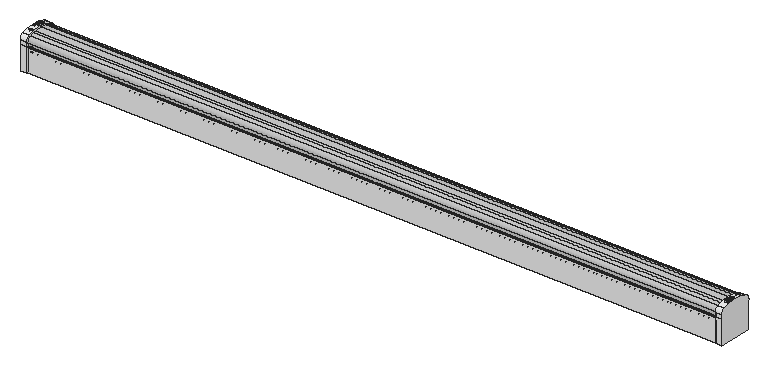
Revit family "Clevertronics_EPIC-1500-EM_AUB03510210001", category Lighting Fixtures, host Face, Revit 2020
Family settings
  Host = Face
  Round Connector Dimension = Use Diameter
  Part Type = Normal
  Cut with Voids When Loaded = No
  Light Source = Yes
  Shared = No
  Room Calculation Point = No
Parameters (values of type "EPIC-1500-EM_AUB03510210001")
  Wattage = 46.77 W
  built-in parameter 1150110 = 1 (stored number, unit not read)
  built-in parameter 1150109 = 1 (stored number, unit not read)
  built-in parameter 1150134 = 12
  built-in parameter 1150113 = 1 (stored number, unit not read)
  Tilt Angle = -90.00°
  Photometric Web File = "EPIC-1500-4K_IESA_G_TUV7191314725_20230817.IES"
  Model = "EPIC-1500-EM"
  Manufacturer = "Clevertronics"  # constant formula
  Emit from Line Length = 609.6 mm
  Description = "Epic 1500mm Diffused Emergency Batten, Switchable Colour"
  CreatedBy = ""
  Clevertronics_Width = 72 mm
  Clevertronics_Weight = "2.2 Kg"
  Clevertronics_Viewing Distance = "N/A"
  Clevertronics_Total Lumen Output = "6117 lm (130.8 lm/W)"
  Clevertronics_Testing System = "N/A"
  Clevertronics_Testing Node = "N/A"
  Clevertronics_Supply Current = "180mA +/- 20mA"
  Clevertronics_Replacement Battery = "1560150"
  Clevertronics_Product Description = "Epic 1500mm Diffused Emergency Batten, Switchable Colour & Output"
  Clevertronics_Power Factor = "0.90 @ High Output"
  Clevertronics_Power Consumption = "46.77W"
  Clevertronics_Other Modules = ""  # constant formula
  Clevertronics_Operating Voltage = "220-240V~ 50Hz"
  Clevertronics_Operating Temperature = "1°C to 40°C"
  Clevertronics_Operating Mode = "N/A"
  Clevertronics_Mounting = "Surface Mount"
  Clevertronics_Material = Clevertronics_Plycarbonate Base
  Lumens = 6117.52 lm
  built-in parameter 1114217 = 1 (stored number, unit not read)
  built-in parameter 1150115 = 1 (stored number, unit not read)
  built-in parameter 1150105 = 486.82 (stored number, unit not read)
  built-in parameter 1150137 = 1
  built-in parameter 1150139 = (empty or 0)
  built-in parameter 1150112 = 1 (stored number, unit not read)
  built-in parameter 1150114 = 1 (stored number, unit not read)
  Lamp = "Dual LED strip module, 3000K warm white, 5700K cool white, >50,000hr life, Ra>80__L70/B50 Ta 40°C; Reported >54,000hr, Projected 158,000hr__L80/B50 Ta 40°C; Reported >54,000hr, Projected 99,000hr"
  built-in parameter 1150132 = (empty or 0)
  built-in parameter 1150102 = (empty or 0)
  built-in parameter 1150138 = (empty or 0)
  built-in parameter 1150107 = 4000 (stored number, unit not read)
  built-in parameter 1150106 = 4.8682 (stored number, unit not read)
  built-in parameter 1150104 = 12.152 (stored number, unit not read)
  Dimming Lamp Color Temperature Shift = <None>
  Default Elevation = 1200 mm
  Color Filter = 16777215
  Clevertronics_Stacked Symbol Position [instance] = 0
  Clevertronics_MIC Number = "AUB03510210001"
  Clevertronics_Length = 1533 mm
  Clevertronics_Inrush Current = "28.4A, <88µs"
  Clevertronics_Impact Rating = "IK03"
  Clevertronics_IP Rating = "IP20"
  Clevertronics_Height = 78 mm
  Clevertronics_Emergency Driver = "LED: 1330069, EM: AUM03670010001"
  Clevertronics_Earth Leakage = "0.152mA"
  Clevertronics_Driver/ Ballast = "LC 57W, 700-1050mA, flexC Ip SNC4"
  Clevertronics_Dimensions Main Enclosure = "L 1533mm x W 72mm x H 78mm"
  Clevertronics_Diffuser = "Co-extruded IP40 PC Diffuser Assembly"
  Clevertronics_Construction = "Powder Coated Sheet Metal Base, Co-extruded IP40 PC Diffuser Assembly, PC End Caps"
  Clevertronics_Charger Method = "Intelligent current limited constant voltage"
  Clevertronics_Battery Type = "Lithium Iron Phosphate"
  Clevertronics_Battery = "3.2V 3000mAh"
  Clevertronics_Applicable Standards = "AS/NZS3820, CISPR15, AS/NZS60598.1"
  Clevertronics_Annotation Vertical Offset [instance] = 0 mm
  Clevertronics_Annotation Size = 0 mm
  Clevertronics_Annotation Horizontal Offset [instance] = 0 mm
  Clevertronics_AS2293 Classification = "C0=D40 C90=D25"
  built-in parameter 1140040 [instance] = 1
  built-in parameter 1114218 = 1 (stored number, unit not read)
  built-in parameter 1150133 = 10 (stored number, unit not read)
  Assembly Code = ""
  Apparent Load = 0 VA
Reference planes
  plane 1 "Center (Front/Back)": y = 0
  plane 2: z = 0
  plane 3 "Center (Left/Right)": x = 0
  plane 4: y = -16.746
  plane 5: x = 759.289
Forms (mm)
  Extrusion 1, solid, material "Clevertronics_Metal, Powder Coated, White"
    sketch origin (0, 0, 0) x (0, 1, 0) y (0, 0, 1)
      loop
        line (-34, 47.888) -> (-34, 0) -> (34, 0) -> (34, 47.888) -> (-34, 47.888)
    from -752.5 to 752.5
  Extrusion 2, solid, material "Clevertronics_Metal, Powder Coated, White"
    sketch origin (0, 0, 0) x (0, 1, 0) y (0, 0, 1)
      loop
        line (-36, 52.408) -> (-36, 0) -> (36, 0) -> (36, 52.408) -> (36, 60.131)
        arc (36, 60.131) -> (33.916, 66.575) -> (28.656, 70.839) r 11.905
        arc (28.656, 70.839) -> (14.609, 75.128) -> (0, 76.645) r 76.257
        arc (0, 76.645) -> (-14.609, 75.128) -> (-28.656, 70.839) r 76.257
        arc (-28.656, 70.839) -> (-33.916, 66.575) -> (-36, 60.131) r 11.905
        line (-36, 60.131) -> (-36, 52.408)
    from 752.5 to 766.5
  Extrusion 3, solid, material "Clevertronics_Metal, Powder Coated, White"
    sketch origin (0, 0, 0) x (0, 1, 0) y (0, 0, -1)
      loop
        line (-36, -52.408) -> (-36, -60.131)
        arc (-36, -60.131) -> (-33.916, -66.575) -> (-28.656, -70.839) r 11.905
        arc (-28.656, -70.839) -> (-14.609, -75.128) -> (0, -76.645) r 76.257
        arc (0, -76.645) -> (14.609, -75.128) -> (28.656, -70.839) r 76.257
        arc (28.656, -70.839) -> (33.916, -66.575) -> (36, -60.131) r 11.905
        line (36, -60.131) -> (36, -52.408) -> (36, 0) -> (-36, 0) -> (-36, -52.408)
    from 752.5 to 766.5
  Extrusion 4, solid, material "Clevertronics_Diffuser"
    sketch origin (0, 0, 0) x (0, 1, 0) y (0, 0, 1)
      loop
        line (-34.069, 59.777) -> (-34.069, 51.88)
        arc (-34.069, 51.88) -> (-33.924, 50.796) -> (-33.5, 49.788) r 4.133
        arc (-33.5, 49.788) -> (-32.498, 48.413) -> (-30.88, 47.888) r 2.757
        line (-30.88, 47.888) -> (-28.532, 47.888)
        arc (-28.532, 47.888) -> (-27.825, 47.595) -> (-27.532, 46.888) r 1
        line (-27.532, 46.888) -> (-27.532, 42.271)
        arc (-27.532, 42.271) -> (-27.672, 41.769) -> (-28.05, 41.41) r 0.975
        arc (-28.05, 41.41) -> (-28.547, 41.043) -> (-28.86, 40.51) r 1.534
        arc (-28.86, 40.51) -> (-28.861, 39.627) -> (-28.395, 38.877) r 1.604
        arc (-28.395, 38.877) -> (-27.949, 38.586) -> (-27.659, 38.14) r 1.288
        arc (-27.659, 38.14) -> (-27.538, 37.699) -> (-27.532, 37.243) r 1.808
        line (-27.532, 37.243) -> (-27.532, 36.166) -> (-26.332, 36.166) -> (-26.332, 37.545)
        arc (-26.332, 37.545) -> (-26.601, 38.712) -> (-27.354, 39.643) r 2.666
        arc (-27.354, 39.643) -> (-27.655, 40.035) -> (-27.354, 40.427) r 0.406
        arc (-27.354, 40.427) -> (-26.657, 41.181) -> (-26.34, 42.157) r 2.392
        line (-26.34, 42.157) -> (-26.34, 42.98)
        arc (-26.34, 42.98) -> (-26.107, 43.299) -> (-25.732, 43.421) r 0.64
        line (-25.732, 43.421) -> (-24.946, 43.421) -> (-24.946, 44.426) -> (-25.759, 44.426)
        arc (-25.759, 44.426) -> (-26.144, 44.574) -> (-26.331, 44.943) r 0.575
        arc (-26.331, 44.943) -> (-26.103, 45.493) -> (-25.552, 45.721) r 0.779
        line (-25.552, 45.721) -> (-19.532, 45.721) -> (-19.532, 44.426) -> (-21.232, 44.426) -> (-21.232, 43.421) -> (0, 43.421) -> (21.232, 43.421) -> (21.232, 44.426) -> (19.532, 44.426) -> (19.532, 45.721) -> (25.552, 45.721)
        arc (25.552, 45.721) -> (26.103, 45.493) -> (26.331, 44.943) r 0.779
        arc (26.331, 44.943) -> (26.144, 44.574) -> (25.759, 44.426) r 0.575
        line (25.759, 44.426) -> (24.946, 44.426) -> (24.946, 43.421) -> (25.732, 43.421)
        arc (25.732, 43.421) -> (26.107, 43.299) -> (26.34, 42.98) r 0.64
        line (26.34, 42.98) -> (26.34, 42.157)
        arc (26.34, 42.157) -> (26.657, 41.181) -> (27.354, 40.427) r 2.392
        arc (27.354, 40.427) -> (27.655, 40.035) -> (27.354, 39.643) r 0.406
        arc (27.354, 39.643) -> (26.601, 38.712) -> (26.332, 37.545) r 2.666
        line (26.332, 37.545) -> (26.332, 36.166) -> (27.532, 36.166) -> (27.532, 37.243)
        arc (27.532, 37.243) -> (27.538, 37.699) -> (27.659, 38.14) r 1.808
        arc (27.659, 38.14) -> (27.949, 38.586) -> (28.395, 38.877) r 1.288
        arc (28.395, 38.877) -> (28.861, 39.627) -> (28.86, 40.51) r 1.604
        arc (28.86, 40.51) -> (28.547, 41.043) -> (28.05, 41.41) r 1.534
        arc (28.05, 41.41) -> (27.672, 41.769) -> (27.532, 42.271) r 0.975
        line (27.532, 42.271) -> (27.532, 46.888)
        arc (27.532, 46.888) -> (27.825, 47.595) -> (28.532, 47.888) r 1
        line (28.532, 47.888) -> (30.88, 47.888)
        arc (30.88, 47.888) -> (32.498, 48.413) -> (33.5, 49.788) r 2.757
        arc (33.5, 49.788) -> (33.924, 50.796) -> (34.069, 51.88) r 4.133
        line (34.069, 51.88) -> (34.069, 59.777)
        arc (34.069, 59.777) -> (32.342, 65.394) -> (27.757, 69.07) r 9.998
        arc (27.757, 69.07) -> (23.38, 70.69) -> (18.934, 72.108) r 101.656
        arc (18.934, 72.108) -> (16.467, 72.704) -> (13.989, 73.25) r 123.107
        arc (13.989, 73.25) -> (7.022, 74.221) -> (0, 74.623) r 86.5
        arc (0, 74.623) -> (-7.022, 74.221) -> (-13.989, 73.25) r 86.5
        arc (-13.989, 73.25) -> (-16.478, 72.752) -> (-18.934, 72.108) r 43.176
        arc (-18.934, 72.108) -> (-23.38, 70.69) -> (-27.757, 69.07) r 101.656
        arc (-27.757, 69.07) -> (-32.342, 65.394) -> (-34.069, 59.777) r 9.998
      loop
        line (-16.282, 45.721) -> (-18.118, 45.721)
        arc (-18.118, 45.721) -> (-18.532, 45.074) -> (-18.118, 44.426) r 0.713
        line (-18.118, 44.426) -> (0, 44.426) -> (18.118, 44.426)
        arc (18.118, 44.426) -> (18.532, 45.074) -> (18.118, 45.721) r 0.713
        line (18.118, 45.721) -> (16.282, 45.721) -> (16.282, 46.721) -> (25.799, 46.721)
        arc (25.799, 46.721) -> (26.268, 46.901) -> (26.498, 47.347) r 0.703
        arc (26.498, 47.347) -> (27.192, 48.509) -> (28.457, 48.991) r 2.062
        line (28.457, 48.991) -> (30.88, 48.888)
        arc (30.88, 48.888) -> (31.806, 49.132) -> (32.431, 49.857) r 1.617
        arc (32.431, 49.857) -> (32.728, 50.49) -> (32.978, 51.144) r 9.501
        line (32.978, 51.144) -> (33.071, 51.926) -> (33.071, 59.777)
        arc (33.071, 59.777) -> (31.56, 64.77) -> (27.534, 68.087) r 9.005
        arc (27.534, 68.087) -> (25.319, 68.975) -> (23.078, 69.798) r 82.593
        line (23.078, 69.798) -> (18.668, 71.135) -> (14.068, 72.23)
        arc (14.068, 72.23) -> (9.433, 72.986) -> (4.76, 73.456) r 76.595
        line (4.76, 73.456) -> (0, 73.622) -> (-4.76, 73.456)
        arc (-4.76, 73.456) -> (-9.433, 72.986) -> (-14.068, 72.23) r 76.595
        line (-14.068, 72.23) -> (-18.668, 71.135) -> (-23.078, 69.798)
        arc (-23.078, 69.798) -> (-25.319, 68.975) -> (-27.534, 68.087) r 82.593
        arc (-27.534, 68.087) -> (-31.56, 64.77) -> (-33.071, 59.777) r 9.005
        line (-33.071, 59.777) -> (-33.071, 51.926) -> (-32.978, 51.144)
        arc (-32.978, 51.144) -> (-32.728, 50.49) -> (-32.431, 49.857) r 9.501
        arc (-32.431, 49.857) -> (-31.806, 49.132) -> (-30.88, 48.888) r 1.617
        line (-30.88, 48.888) -> (-28.457, 48.991)
        arc (-28.457, 48.991) -> (-27.192, 48.509) -> (-26.498, 47.347) r 2.062
        arc (-26.498, 47.347) -> (-26.268, 46.901) -> (-25.799, 46.721) r 0.703
        line (-25.799, 46.721) -> (-16.282, 46.721) -> (-16.282, 45.721)
    from -751.5 to 752.5
  Extrusion 5, void
    sketch origin (0, 0, 0) x (1, 0, 0) y (0, 1, 0)
      loop
        arc (-762.875, -15.866) -> (-763.266, -16.003) -> (-763.487, -16.353) r 0.629
        line (-763.487, -16.353) -> (-763.487, -17.138)
        arc (-763.487, -17.138) -> (-763.266, -17.489) -> (-762.875, -17.625) r 0.629
        line (-762.875, -17.625) -> (-759.68, -17.625)
        arc (-759.68, -17.625) -> (-759.248, -17.624) -> (-758.88, -17.85) r 0.787
        line (-758.88, -17.85) -> (-758.88, -18.685)
        arc (-758.88, -18.685) -> (-758.564, -18.984) -> (-758.151, -18.847) r 0.423
        line (-758.151, -18.847) -> (-756.044, -17.169)
        arc (-756.044, -17.169) -> (-755.779, -16.746) -> (-756.044, -16.322) r 0.471
        line (-756.044, -16.322) -> (-758.151, -14.644)
        arc (-758.151, -14.644) -> (-758.564, -14.507) -> (-758.88, -14.806) r 0.423
        line (-758.88, -14.806) -> (-758.88, -15.641)
        arc (-758.88, -15.641) -> (-759.248, -15.868) -> (-759.68, -15.866) r 0.787
        line (-759.68, -15.866) -> (-762.875, -15.866)
    from 73.831 to 75.439
  Extrusion 6, void
    sketch origin (776.035, 776.025, 0) x (0, 1, 0) y (-1, 0, 0)
      loop
        line (-762.875, 15.866) -> (-759.68, 15.866)
        arc (-759.68, 15.866) -> (-759.248, 15.868) -> (-758.88, 15.641) r 0.787
        line (-758.88, 15.641) -> (-758.88, 14.806)
        arc (-758.88, 14.806) -> (-758.564, 14.507) -> (-758.151, 14.644) r 0.423
        line (-758.151, 14.644) -> (-756.044, 16.322)
        arc (-756.044, 16.322) -> (-755.779, 16.746) -> (-756.044, 17.169) r 0.471
        line (-756.044, 17.169) -> (-758.151, 18.847)
        arc (-758.151, 18.847) -> (-758.564, 18.984) -> (-758.88, 18.685) r 0.423
        line (-758.88, 18.685) -> (-758.88, 17.85)
        arc (-758.88, 17.85) -> (-759.248, 17.624) -> (-759.68, 17.625) r 0.787
        line (-759.68, 17.625) -> (-762.875, 17.625)
        arc (-762.875, 17.625) -> (-763.266, 17.489) -> (-763.487, 17.138) r 0.629
        line (-763.487, 17.138) -> (-763.487, 16.353)
        arc (-763.487, 16.353) -> (-763.266, 16.003) -> (-762.875, 15.866) r 0.629
    from 73.14 to 75.771
  Extrusion 7, solid
    sketch origin (0, 7.92, 1.026) x (1, 0, 0) y (0, 0.994522, 0.104528)
      loop
        circle (756.915, -14.552) r 1.585
      loop
        circle (756.915, -14.552) r 0.832
      loop
        line (758.685, -12.669) -> (758.685, -11.855) -> (757.354, -11.855)
        arc (757.354, -11.855) -> (756.667, -10.299) -> (756.062, -11.888) r 0.919
        line (756.062, -11.888) -> (755.253, -11.888) -> (755.253, -12.669) -> (758.685, -12.669)
      loop
        line (756.97, -9.252) -> (756.97, -7.635) -> (755.973, -7.998)
        arc (755.973, -7.998) -> (756.448, -10.019) -> (757.834, -8.474) r 1.171
        line (757.834, -8.474) -> (757.279, -7.682) -> (757.207, -8.501)
        arc (757.207, -8.501) -> (757.385, -8.97) -> (756.97, -9.252) r 0.405
      loop
        line (756.586, -9.25) -> (756.586, -8.453)
        arc (756.586, -8.453) -> (756.188, -8.852) -> (756.586, -9.25) r 0.398
      loop
        line (758.008, -5.855) -> (758.008, -5.046) -> (756.586, -5.046)
        arc (756.586, -5.046) -> (755.87, -5.659) -> (756.362, -6.462) r 0.726
        line (756.362, -6.462) -> (755.567, -6.462) -> (755.567, -7.267) -> (758.008, -7.267) -> (758.008, -6.462) -> (756.541, -6.462)
        arc (756.541, -6.462) -> (756.669, -6.038) -> (757.073, -5.855) r 0.536
        line (757.073, -5.855) -> (758.008, -5.855)
      loop
        line (760.183, -15.075) -> (760.183, -15.879) -> (762.558, -15.879)
        arc (762.558, -15.879) -> (763.049, -15.624) -> (763.121, -15.075) r 0.6
        arc (763.121, -15.075) -> (762.729, -14.583) -> (762.337, -15.075) r 0.402
        line (762.337, -15.075) -> (760.183, -15.075)
      loop
        line (763.082, -14.251) -> (763.082, -13.444) -> (761.94, -13.444)
        arc (761.94, -13.444) -> (761.638, -13.142) -> (761.94, -12.84) r 0.302
        line (761.94, -12.84) -> (763.082, -12.84) -> (763.082, -12.05) -> (761.66, -12.05)
        arc (761.66, -12.05) -> (760.891, -12.54) -> (761.012, -13.444) r 0.848
        line (761.012, -13.444) -> (760.183, -13.444) -> (760.183, -14.251) -> (763.082, -14.251)
      loop
        line (760.981, -10.711) -> (760.981, -11.517) -> (763.082, -11.517) -> (763.082, -10.711) -> (760.981, -10.711)
      loop
        line (760.848, -11.114) -> (760.087, -10.837) -> (759.327, -11.114) -> (760.087, -11.391) -> (760.848, -11.114)
      loop
        arc (760.715, -7.107) -> (759.937, -8.247) -> (760.675, -9.414) r 1.256
        line (760.675, -9.414) -> (762.067, -8.8)
        arc (762.067, -8.8) -> (762.681, -9.059) -> (762.389, -9.658) r 0.459
        line (762.389, -9.658) -> (762.668, -10.425)
        arc (762.668, -10.425) -> (763.224, -8.903) -> (761.861, -8.026) r 1.297
        arc (761.861, -8.026) -> (761.334, -8.609) -> (760.548, -8.613) r 0.975
        arc (760.548, -8.613) -> (760.578, -8.126) -> (760.991, -7.865) r 0.537
        line (760.991, -7.865) -> (760.715, -7.107)
      loop
        line (762.23, -5.659) -> (762.23, -4.043) -> (761.232, -4.406)
        arc (761.232, -4.406) -> (761.707, -6.426) -> (763.093, -4.881) r 1.171
        line (763.093, -4.881) -> (762.538, -4.089) -> (762.467, -4.908)
        arc (762.467, -4.908) -> (762.644, -5.377) -> (762.23, -5.659) r 0.405
      loop
        line (761.846, -5.657) -> (761.846, -4.861)
        arc (761.846, -4.861) -> (761.447, -5.259) -> (761.846, -5.657) r 0.398
      loop
        line (763.302, -2.27) -> (763.302, -1.462) -> (761.881, -1.462)
        arc (761.881, -1.462) -> (761.164, -2.074) -> (761.656, -2.878) r 0.726
        line (761.656, -2.878) -> (760.861, -2.878) -> (760.861, -3.682) -> (763.302, -3.682) -> (763.302, -2.878) -> (761.835, -2.878)
        arc (761.835, -2.878) -> (761.963, -2.453) -> (762.367, -2.27) r 0.536
        line (762.367, -2.27) -> (763.302, -2.27)
      loop
        line (759.93, 1.254) -> (759.93, 0.44) -> (761.261, 0.44)
        arc (761.261, 0.44) -> (761.948, -1.115) -> (762.553, 0.473) r 0.919
        line (762.553, 0.473) -> (763.361, 0.473) -> (763.361, 1.254) -> (759.93, 1.254)
    from 74.623 to 76.633
  Extrusion 8, solid
    sketch origin (0.416, -5.13, 0.438) x (-1, 0, 0) y (0, -0.997564, 0.069756)
      loop
        circle (762.369, -15.185) r 1.585
      loop
        circle (762.369, -15.185) r 0.832
      loop
        line (758.997, -12.591) -> (758.997, -11.777) -> (757.667, -11.777)
        arc (757.667, -11.777) -> (756.98, -10.221) -> (756.374, -11.81) r 0.919
        line (756.374, -11.81) -> (755.566, -11.81) -> (755.566, -12.591) -> (758.997, -12.591)
      loop
        line (757.283, -9.174) -> (757.283, -7.557) -> (756.286, -7.92)
        arc (756.286, -7.92) -> (756.76, -9.941) -> (758.146, -8.396) r 1.171
        line (758.146, -8.396) -> (757.592, -7.604) -> (757.52, -8.423)
        arc (757.52, -8.423) -> (757.698, -8.892) -> (757.283, -9.174) r 0.405
      loop
        line (756.899, -9.172) -> (756.899, -8.375)
        arc (756.899, -8.375) -> (756.501, -8.774) -> (756.899, -9.172) r 0.398
      loop
        line (758.32, -5.777) -> (758.32, -4.968) -> (756.899, -4.968)
        arc (756.899, -4.968) -> (756.182, -5.581) -> (756.675, -6.384) r 0.726
        line (756.675, -6.384) -> (755.879, -6.384) -> (755.879, -7.189) -> (758.32, -7.189) -> (758.32, -6.384) -> (756.854, -6.384)
        arc (756.854, -6.384) -> (756.981, -5.96) -> (757.385, -5.777) r 0.536
        line (757.385, -5.777) -> (758.32, -5.777)
      loop
        line (760.785, -12.278) -> (760.785, -13.082) -> (763.16, -13.082)
        arc (763.16, -13.082) -> (763.651, -12.827) -> (763.723, -12.278) r 0.6
        arc (763.723, -12.278) -> (763.331, -11.786) -> (762.939, -12.278) r 0.402
        line (762.939, -12.278) -> (760.785, -12.278)
      loop
        line (763.572, -11.469) -> (763.572, -10.663) -> (762.43, -10.663)
        arc (762.43, -10.663) -> (762.128, -10.361) -> (762.43, -10.058) r 0.302
        line (762.43, -10.058) -> (763.572, -10.058) -> (763.572, -9.268) -> (762.15, -9.268)
        arc (762.15, -9.268) -> (761.381, -9.759) -> (761.502, -10.663) r 0.848
        line (761.502, -10.663) -> (760.673, -10.663) -> (760.673, -11.469) -> (763.572, -11.469)
      loop
        line (762.653, -2.19) -> (762.653, -0.574) -> (761.656, -0.937)
        arc (761.656, -0.937) -> (762.13, -2.957) -> (763.516, -1.412) r 1.171
        line (763.516, -1.412) -> (762.962, -0.62) -> (762.89, -1.439)
        arc (762.89, -1.439) -> (763.068, -1.908) -> (762.653, -2.19) r 0.405
      loop
        line (762.269, -2.188) -> (762.269, -1.392)
        arc (762.269, -1.392) -> (761.871, -1.79) -> (762.269, -2.188) r 0.398
      loop
        line (763.725, 1.199) -> (763.725, 2.007) -> (762.304, 2.007)
        arc (762.304, 2.007) -> (761.587, 1.395) -> (762.08, 0.591) r 0.726
        line (762.08, 0.591) -> (761.284, 0.591) -> (761.284, -0.213) -> (763.725, -0.213) -> (763.725, 0.591) -> (762.259, 0.591)
        arc (762.259, 0.591) -> (762.386, 1.016) -> (762.79, 1.199) r 0.536
        line (762.79, 1.199) -> (763.725, 1.199)
      loop
        line (760.353, 4.723) -> (760.353, 3.909) -> (761.684, 3.909)
        arc (761.684, 3.909) -> (762.371, 2.354) -> (762.976, 3.942) r 0.919
        line (762.976, 3.942) -> (763.785, 3.942) -> (763.785, 4.723) -> (760.353, 4.723)
      loop
        circle (757.132, -14.435) r 1.585
      loop
        circle (757.132, -14.435) r 0.832
      loop
        line (762.634, -8.001) -> (762.634, -6.384) -> (761.637, -6.747)
        arc (761.637, -6.747) -> (762.112, -8.768) -> (763.498, -7.223) r 1.171
        line (763.498, -7.223) -> (762.943, -6.431) -> (762.871, -7.25)
        arc (762.871, -7.25) -> (763.049, -7.719) -> (762.634, -8.001) r 0.405
      loop
        line (762.25, -7.999) -> (762.25, -7.202)
        arc (762.25, -7.202) -> (761.852, -7.601) -> (762.25, -7.999) r 0.398
      loop
        line (763.532, -6.04) -> (763.532, -5.23) -> (762.75, -5.23)
        arc (762.75, -5.23) -> (762.321, -5.028) -> (762.204, -4.568) r 0.557
        line (762.204, -4.568) -> (761.414, -4.415) -> (761.823, -5.275)
        arc (761.823, -5.275) -> (761.43, -5.239) -> (761.037, -5.207) r 35.189
        line (761.037, -5.207) -> (761.037, -6.04) -> (763.532, -6.04)
    from 74.623 to 76.633
Cuts and joins
  Extrusion 5 cuts Extrusion 3
  Extrusion 6 cuts Extrusion 2
Dimensions and locks
  aligned and locked: host face to plane 2
  aligned and locked: host face to level
Connectors
  electrical at (0, 0, 0)
    settings: on Extrusion 1, index 1, voltage 220 V, apparent load 0 VA, apparent load phase1 53 VA, apparent load phase2 0 VA, apparent load phase3 0 VA, power factor 0.9, load classification "Other", number of poles 1, system type 31, power factor state 1, is connector primary yes, connector utility no, sub classification motor no, connector description ""
